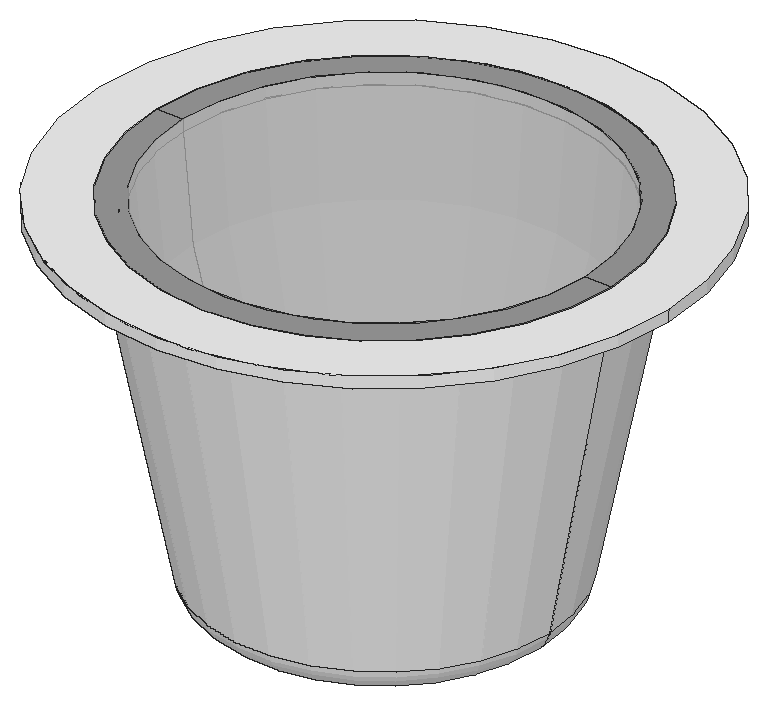
Revit family "2060501 Sylvania Lighting Fixture ASCENT100 II ARCH 650 3K STD EMG 120", category Lighting Fixtures, host Face, Revit 2016
Family settings
  Host = Face
  Part Type = Normal
  Round Connector Dimension = Use Diameter
  OmniClass Number = 23.80.70.11.17
  OmniClass Title = Specialized Lighting by Location or Use
  Cut with Voids When Loaded = No
  Light Source = Yes
  Shared = No
  Room Calculation Point = No
Parameters (values of type "2060501 ASCT100 II ARCH 650 3K STD EMG 120 Emergency mode")
  Weight = "1.43 kg"
  WarrantyStartDate [instance] = "n/a"
  WarrantyGuarantorParts = "n/a"
  WarrantyDurationUnit = "n/a"
  WarrantyDurationParts = "n/a"
  WarrantyDescription = "n/a"
  Voltage = 0 V
  TypeName = "ASCT100 II ARCH 650 3K STD EMG 120 Emergency mode"
  SerialNumber [instance] = "n/a"
  ReflectorRadius_SYL = Radius_SYL - 15.0 mm  # 60.0 mm
  PowerFactor = 0
  PowerConsumption = "7 W"
  NominalWidth = 0.0 mm
  NominalLength = 0.0 mm
  NominalHeight = 94.0 mm
  Name = "ASCT100 II ARCH 650 3K STD EMG 120 Emergency mode"
  ModelReference = "ASCT100 II ARCH 650 3K STD EMG 120 Emergency mode"
  ModelNumber = "2060501"
  Material_4_SYL = Aluminium_Sylvania_Ascent_Silver
  Radius_SYL = 75.0 mm
  Wattage = 1.82418 W
  built-in parameter 1150110 = 1 (stored number, unit not read)
  URL = "http://www.sylvania-lighting.com"
  built-in parameter 1114217 = 1 (stored number, unit not read)
  Tilt Angle = -90°
  built-in parameter 1150109 = 1 (stored number, unit not read)
  built-in parameter 1150134 = (empty or 0)
  built-in parameter 1150113 = 1 (stored number, unit not read)
  Photometric Web File = "2060501EM.ies"
  Material = "aluminium housing, acrylic diffuser"
  ManufacturerName = "Feilo Sylvania"
  LuminousEfficacy = "91 lm/W"
  LuminaireType = ""
  LightOutputRatio = "100"
  LampsType = Lamp  # "LED"
  LampNominalLuminous = "638 lm"
  LampMacAdamStep = "n/a"
  LampColourTemperature = "3000 K"
  LampColourRenderingIndex = "80"
  Keynote = "16500"
  InstallationDate [instance] = "n/a"
  InputVoltage = "n/a"
  InputNominalFrequency = "n/a"
  IngressProtection = "IP40"
  ImpactProtectionIndex = "IK02"
  IfcExportType = "IfcLightFixtureType"
  IfcExportAs = "IfcLightFixtureType"
  Height_SYL = 94.0 mm
  ExpectedLife = 50000
  Emit from Circle Diameter = 2 * DiffuserRadius_SYL  # 106.0 mm
  Emit Shape Visible in Rendering = no
  ElectricShockClassification = "Class II"
  DurationUnit = "hours"
  DocumentationLiterature = "http://www.sylvania-lighting.com/product/en-int/products/2060501"
  DimmingControlOptions = "n/a"
  DiffuserRadius_SYL = ReflectorRadius_SYL - 7.0 mm  # 53.0 mm
  Material_3_SYL = Polycarbonate_Sylvania_Ascent_Clear
  Diameter_SYL = 2 * Radius_SYL  # 150.0 mm
  CutoutDiameter_SYL = Diameter_SYL - 13.0 mm  # 137.0 mm
  CreatedOn = "9/17/2018"
  CreatedBy = "@sylvania-lighting.com"
  built-in parameter 1114216 [instance] = 1 (stored number, unit not read)
  Model = "ASCT100 II ARCH 650 3K STD EMG 120 Emergency mode"
  Manufacturer = "Feilo Sylvania"
  built-in parameter 1150105 = 13.21 (stored number, unit not read)
  Lumens = 166 lm
  built-in parameter 1150115 = 1 (stored number, unit not read)
  built-in parameter 1150137 = (empty or 0)
  built-in parameter 1150139 = (empty or 0)
  built-in parameter 1150112 = 1 (stored number, unit not read)
  built-in parameter 1150114 = 1 (stored number, unit not read)
  Lamp = "LED"
  built-in parameter 1150132 = 2
  built-in parameter 1150102 = (empty or 0)
  built-in parameter 1150107 = 3000 (stored number, unit not read)
  built-in parameter 1150138 = (empty or 0)
  built-in parameter 1150106 = 0.1321 (stored number, unit not read)
  Material_1_SYL = Aluminum_Sylvania_Ascent_White
  built-in parameter 1150104 = 8.4542 (stored number, unit not read)
  Dimming Lamp Color Temperature Shift = <None>
  Description = "Direct LED retro fit for original LED 100 Arch (120) single CFL lamp offering Matching lumen levels and improved light distribution of original LED 100 CFL lamp equivalents Typically half the power consumption compared to CFL Up to 104lm/W 120mm aperture Architectural reflector accepts range of glass accessories from existing LED 100 Arch 120 offering HE, HO and VHO versions equivalent of single 1 x 13W, 1 x 18W, 1 x 26W Additional VVHO versions which offer the performance circa 2 x 26W equivalent"  # constant formula
  Default Elevation = 0.0 mm
  Color Filter = 16777215
  built-in parameter 1140040 [instance] = 1
  BarCode [instance] = "n/a"
  built-in parameter 1114218 = 1 (stored number, unit not read)
  built-in parameter 1150133 = 10 (stored number, unit not read)
  AssetType = "Fixed"
  AssetIdentifier [instance] = "n/a"
  Assembly Code = "D5020200"
  Apparent Load = 1.82418 VA
  Aperture_SYL = 2 * ReflectorRadius_SYL  # 120.0 mm
  Material_2_SYL = Aluminum_Sylvania_Ascent_White
Types (2, lengths in mm): name | TypeName | Name | ModelReference | Wattage | Photometric Web File | Model | built-in parameter 1150105 | Lumens | built-in parameter 1150106 | Apparent Load
  2060501 ASCT100 II ARCH 650 3K STD EMG 120 Emergency mode | "ASCT100 II ARCH 650 3K STD EMG 120 Emergency mode" | "ASCT100 II ARCH 650 3K STD EMG 120 Emergency mode" | "ASCT100 II ARCH 650 3K STD EMG 120 Emergency mode" | 1.82418 W | "2060501EM.ies" | "ASCT100 II ARCH 650 3K STD EMG 120 Emergency mode" | 13.21 (stored number, unit not read) | 166 lm | 0.1321 (stored number, unit not read) | 1.82418 VA
  2060501 ASCT100 II ARCH 650 3K STD EMG 120 | "ASCENT100 II ARCH 650 3K STD EMG 120" | "ASCENT100 II ARCH 650 3K STD EMG 120" | "ASCENT100 II ARCH 650 3K STD EMG 120" | 7 W | "2060501.ies" | "ASCENT100 II ARCH 650 3K STD EMG 120" | 50.691 (stored number, unit not read) | 637 lm | 0.50691 (stored number, unit not read) | 7 VA
Reference planes
  plane 1 "Center (Front/Back)": y = 0
  plane 2: z = 0
  plane 3 "Center (Left/Right)": x = 0
  plane 4 "Fixture Bottom": z = 3
  plane 5: z = -52.5
  plane 6 "Fixture Top": z = -91
Forms (mm)
  Extrusion 1, solid, material "Aluminum_Sylvania_Ascent_White" <- "Material_2_SYL", detail levels fine
    sketch origin (0, 0, 0) x (1, 0, 0) y (0, 1, 0)
      loop
        circle (0, 0) r 75
      loop
        circle (0, 0) r 60
    from 0 to 3
  Extrusion 2, void
    sketch origin (0, 0, 0) x (1, 0, 0) y (0, 1, 0)
      loop
        circle (0, 0) r 68.5
    from -91 to 3
  Revolve 3, solid, material "Aluminum_Sylvania_Ascent_White" <- "Material_1_SYL", detail levels fine
    sketch origin (0, 0, 0) x (1, 0, 0) y (0, 0, 1)
      loop
        line (0, -91.073) -> (0, -89.023) -> (-35.468, -89.014)
        arc (-35.468, -89.014) -> (-39.352, -87.613) -> (-41.54, -84.139) r 6.307
        line (-41.54, -84.139) -> (-57.991, -2.844) -> (-57.991, 0) -> (-60, 0) -> (-60, -3) -> (-43.5, -84.536)
        arc (-43.5, -84.536) -> (-40.643, -89.203) -> (-35.5, -91.073) r 8.291
        line (-35.5, -91.073) -> (0, -91.073)
      axis (0, 0) -> (0, -91.073)
    angle from 0 to 360
  Revolve 4, solid, material "Aluminium_Sylvania_Ascent_Silver" <- "Material_4_SYL", detail levels fine
    sketch origin (0, 0, 0) x (1, 0, 0) y (0, 0, 1)
      loop
        line (-60, 3) -> (-60, 0) -> (-55, 0)
        arc (-55, 0) -> (-52.349, -26.77) -> (-44.5, -52.5) r 136.5
        line (-44.5, -52.5) -> (-38, -52.5)
        arc (-38, -52.5) -> (-36.857, -61.521) -> (-33.5, -69.971) r 36.166
        line (-33.5, -69.971) -> (0, -69.971) -> (0, -50.5) -> (-43.16, -50.5)
        arc (-43.16, -50.5) -> (-50.517, -25.725) -> (-53, 0) r 134.5
        line (-53, 0) -> (-53, 3) -> (-60, 3)
      axis (0, 3) -> (0, -69.971)
    angle from 0 to 360
  Extrusion 5, solid, material "Polycarbonate_Sylvania_Ascent_Clear" <- "Material_3_SYL", detail levels fine
    sketch origin (0, 0, 0) x (1, 0, 0) y (0, 1, 0)
      loop
        circle (0, 0) r 53
    from 0 to 3
  Revolve 6, solid, material "Aluminum_Sylvania_Ascent_White" <- "Material_2_SYL", detail levels coarse+medium
    sketch origin (0, 0, 0) x (1, 0, 0) y (0, 0, 1)
      loop
        line (0, -91.073) -> (0, 3) -> (-75, 3) -> (-75, 0) -> (-60, 0) -> (-60, -3) -> (-43.5, -84.536)
        arc (-43.5, -84.536) -> (-40.643, -89.203) -> (-35.5, -91.073) r 8.291
        line (-35.5, -91.073) -> (0, -91.073)
      axis (0, 3) -> (0, -91.073)
    angle from 0 to 360
Dimensions and locks
  locked: plane 4 "Fixture Bottom" to plane 2 at 3
  "Height_SYL": plane 4 "Fixture Bottom" to plane 6 "Fixture Top"
  "ReflectorRadius_SYL": plane 3 "Center (Left/Right)" to Revolve 4 sketch curve
  locked: Revolve 4 sketch curve to Revolve 4 sketch curve at 15.5
  locked: Revolve 4 sketch curve to Revolve 4 sketch curve at 5
  locked: Revolve 4 sketch curve to Revolve 4 sketch curve at 7
  locked: Revolve 4 sketch curve to Revolve 4 sketch curve at 22
  locked: Revolve 4 sketch curve to Revolve 4 sketch curve at 26.5
  locked: Revolve 3 sketch curve to Revolve 3 sketch curve at 16.5
  locked: Revolve 3 sketch curve to Revolve 3 sketch curve at 24.5
  "ReflectorRadius_SYL": Revolve 3 sketch curve to plane 3 "Center (Left/Right)"
  locked: Revolve 3 sketch curve to plane 6 "Fixture Top" at 6.464
  locked: plane 2 to Revolve 3 sketch curve at 3
  locked: Revolve 3 sketch curve to Revolve 3 sketch curve at 2
  locked: Revolve 3 sketch curve to Revolve 3 sketch curve at 2.009
  locked: plane 2 to plane 5 at 52.5
  locked: Revolve 6 sketch curve to Revolve 6 sketch curve at 31.5
  locked: Revolve 6 sketch curve to Revolve 6 sketch curve at 39.5
  locked: Revolve 6 sketch curve to Revolve 6 sketch curve at 15
  "Radius_SYL": plane 3 "Center (Left/Right)" to Revolve 6 sketch curve
  "CutoutDiameter_SYL": diameter of Extrusion 2 sketch curve
  "ReflectorRadius_SYL": radius of Extrusion 1 sketch curve
  "DiffuserRadius_SYL": radius of Extrusion 5 sketch curve
  "Radius_SYL": radius of Extrusion 1 sketch curve
  aligned and locked: host face to plane 2
  aligned and locked: host face to level
  aligned and locked: plane 1 "Center (Front/Back)" to imposter light
  aligned and locked: plane 3 "Center (Left/Right)" to imposter light
  aligned and locked: plane 4 "Fixture Bottom" to Extrusion 1
  aligned and locked: Extrusion 1 to plane 2
  aligned and locked: Revolve 3 sketch curve to plane 3 "Center (Left/Right)"
  aligned and locked: Revolve 4 sketch curve to plane 3 "Center (Left/Right)"  (x2)
  aligned and locked: plane 4 "Fixture Bottom" to Revolve 4 sketch curve
  aligned and locked: Revolve 3 sketch curve to imposter light
  aligned and locked: Extrusion 5 to plane 2
  aligned and locked: imposter light to Extrusion 5
  aligned and locked: plane 2 to Revolve 3 sketch curve  (x2)
  aligned and locked: Revolve 6 sketch curve to imposter light
  aligned and locked: Revolve 6 sketch curve to plane 3 "Center (Left/Right)"
  aligned and locked: plane 6 "Fixture Top" to Extrusion 2
  aligned and locked: imposter light to Extrusion 2
  aligned and locked: imposter light to plane 4 "Fixture Bottom"
Automatic sketch dimensions
  plane 1 "Center (Front/Back)" to Extrusion 2 sketch curve = 0.0 mm
  Extrusion 2 sketch curve to plane 3 "Center (Left/Right)" = 0.0 mm
  Extrusion 1 sketch curve to Extrusion 1 sketch curve = 0.0 mm  (x2)
  plane 1 "Center (Front/Back)" to Extrusion 1 sketch curve = 0.0 mm
  Extrusion 1 sketch curve to plane 3 "Center (Left/Right)" = 0.0 mm
  plane 6 "Fixture Top" to Revolve 3 sketch curve = 0.073 mm
  Revolve 3 sketch curve to plane 6 "Fixture Top" = 6.861 mm
  Revolve 3 sketch curve to Revolve 3 sketch curve = 0.003 mm
  Revolve 3 sketch curve to Revolve 3 sketch curve = 0.009 mm  (x2)
  Revolve 3 sketch curve to Revolve 3 sketch curve = 0.023 mm
  Revolve 3 sketch curve to Revolve 3 sketch curve = 0.072 mm
  Revolve 3 sketch curve to Revolve 3 sketch curve = 0.008 mm
  Revolve 3 sketch curve to plane 6 "Fixture Top" = 1.977 mm
  Revolve 3 sketch curve to Revolve 3 sketch curve = 33.496 mm
  Revolve 3 sketch curve to Revolve 3 sketch curve = 0.028 mm
  plane 4 "Fixture Bottom" to Revolve 3 sketch curve = 82.431 mm
  Revolve 4 sketch curve to Revolve 4 sketch curve = 0.0 mm  (x2)
  Revolve 4 sketch curve to plane 5 = 0.0 mm
  Revolve 4 sketch curve to level = 0.0 mm
  plane 5 to Revolve 4 sketch curve = 2.0 mm
  plane 4 "Fixture Bottom" to Revolve 4 sketch curve = 9.642 mm
  plane 1 "Center (Front/Back)" to Extrusion 5 sketch curve = 0.0 mm
  Extrusion 5 sketch curve to plane 3 "Center (Left/Right)" = 0.0 mm
  Revolve 4 sketch curve to level = 69.971 mm
  Revolve 4 sketch curve to Revolve 4 sketch curve = 2.387 mm
  Revolve 6 sketch curve to level = 0.0 mm
  Revolve 6 sketch curve to plane 3 "Center (Left/Right)" = 0.0 mm
  Revolve 6 sketch curve to Revolve 6 sketch curve = 8.104 mm
  Revolve 6 sketch curve to level = 3.0 mm
  Revolve 6 sketch curve to plane 6 "Fixture Top" = 6.464 mm
  plane 6 "Fixture Top" to Revolve 6 sketch curve = 0.073 mm
  Revolve 6 sketch curve to Revolve 6 sketch curve = 33.496 mm
  plane 4 "Fixture Bottom" to Revolve 6 sketch curve = 82.431 mm
  host sketch curve to host sketch curve = 1368.192 mm
  host sketch curve to host sketch curve = 1600.367 mm
Connectors
  electrical at (0, 0, -91.073), driven by "Apparent Load"
    settings: on Revolve 3, index 1, voltage 240 V, apparent load 0 VA, apparent load phase1 1.82418 VA, apparent load phase2 0 VA, apparent load phase3 0 VA, power factor 1, load classification "Lighting", number of poles 1, system type 31, power factor state 1, is connector primary yes, connector utility no, sub classification motor no, connector description ""
